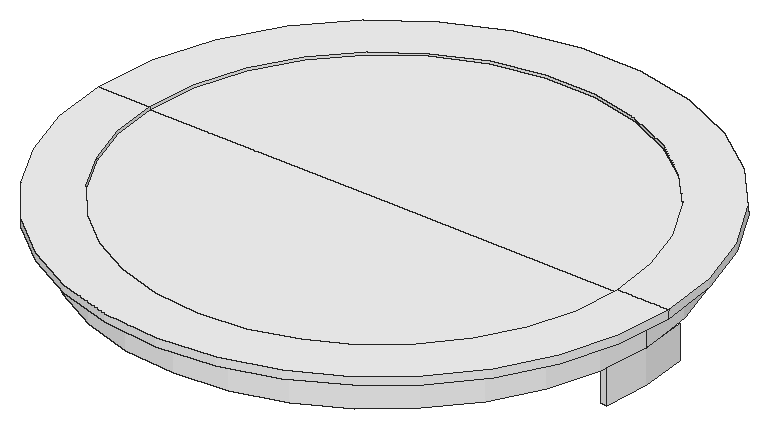
Revit family "0053898 Sylvania Lighting Fixture START eco Downlight Flat 2000lm 840 DIM", category Lighting Fixtures, host Face, Revit 2016
Family settings
  Host = Face
  Part Type = Normal
  Round Connector Dimension = Use Diameter
  OmniClass Number = 23.80.70.11.14.11
  OmniClass Title = Downlights
  Cut with Voids When Loaded = No
  Light Source = Yes
  Shared = No
  Room Calculation Point = No
Parameters (values of type "0053898 START eco Downlight Flat 2000lm 840 DIM ")
  Weight = "6.45 kg"
  Wattage Comments = "n/a"
  Wattage = 23 W
  WarrantyStartDate [instance] = "n/a"
  WarrantyGuarantorParts = "n/a"
  WarrantyDurationUnit = "year"
  WarrantyDurationParts = "n/a"
  WarrantyDescription = "n/a"
  built-in parameter 1150110 = 1 (stored number, unit not read)
  Voltage = 230 V
  URL = "http://www.feilosylvania.com"
  TypeName = "START eco Downlight Flat 2000lm 840 DIM"
  Type Image = <None>
  Type Comments = "n/a"
  built-in parameter 1114217 = 1 (stored number, unit not read)
  Tilt Angle = -90.00°
  built-in parameter 1150109 = 1 (stored number, unit not read)
  built-in parameter 1150134 = 12
  built-in parameter 1150113 = 1 (stored number, unit not read)
  SpringMountStartAngle_FEILO = -SpringMountEndAngle_FEILO  # -10.00°
  SpringMountEndAngle_FEILO = 10.00°
  SerialNumber [instance] = "n/a"
  ReflectorMaterial = none
  RecessedHeight_FEILO = 26 mm
  RecessedDiameter_FEILO = 205 mm
  PowerFactor = 0
  PowerConsumption = "23 W"
  Photometric Web File = "0053316.ies"
  NominalLength = 222 mm
  NominalHeight = 26 mm
  NominalDepth = 222 mm
  Name = "START eco Downlight Flat 2000lm 840 DIM"
  ModelReference = Name  # "START eco Downlight Flat 2000lm 840 DIM"
  ModelNumber = "0053898"
  Model = Name  # "START eco Downlight Flat 2000lm 840 DIM"
  Material = "Aluminium"
  ManufacturerName = "Feilo Sylvania"
  Manufacturer = "Feilo Sylvania"
  LuminousEfficacy = "96.52 lm/W"
  built-in parameter 1150105 = 176.66 (stored number, unit not read)
  Lumens = 2219.96 lm
  LuminaireType = "LED recessed downlight"
  built-in parameter 1150115 = 1 (stored number, unit not read)
  LightOutputRatio = "1"
  built-in parameter 1150137 = (empty or 0)
  built-in parameter 1150139 = (empty or 0)
  LampsType = Lamp  # "LED"
  LampNominalLuminous = "2200 lm"
  LampMacAdamStep = "n/a"
  LampColourTemperature = "4000 K"
  LampColourRenderingIndex = "80"
  built-in parameter 1150112 = 1 (stored number, unit not read)
  built-in parameter 1150114 = 1 (stored number, unit not read)
  Lamp = "LED"
  Keynote = "16500"
  InstallationDate [instance] = "n/a"
  InputVoltage = "220-240V~"
  InputNominalFrequency = "50/60 Hz"
  built-in parameter 1150132 = (empty or 0)
  built-in parameter 1150102 = (empty or 0)
  built-in parameter 1150107 = 4000 (stored number, unit not read)
  built-in parameter 1150138 = (empty or 0)
  IngressProtection = "IP44"
  ImpactProtectionIndex = "IK06"
  built-in parameter 1150106 = 1.7666 (stored number, unit not read)
  IfcExportType = "IfcLightFixtureType"
  IfcExportAs = "IfcLightFixtureType"
  ExpectedLife = 50000
  Emit from Circle Diameter = 182 mm
  Emit Shape Visible in Rendering = no
  ElectricShockClassification = "Class II"
  built-in parameter 1150104 = 8.967 (stored number, unit not read)
  DurationUnit = "hours"
  DocumentationLiterature = "http://www.feilosylvania.com/product/en-int/products/0053316"
  DimmingControlOptions = "Dimmable"
  Dimming Lamp Color Temperature Shift = <None>
  DiffuserMaterial = Diffuser-Sylvania-Glow
  Description = "Integrated LED recessed downlight providing 2220 fixture lumens at a wattage of 23W giving a high efficacy of 97lm/W. Fitting includes Leading/Trailing edge phase dimmable driver and has a round ceiling cut out of 205mm with an IP20 and IK02 rating providing uniform distribution with an Opal diffuser and 110° beam angle. Provided including a Loop in Loop out box and built Built white aluminium housing."
  Default Elevation = 1219.2 mm
  CutoutHeight_FEILO = RecessedHeight_FEILO + 10 mm  # 36 mm
  CreatedOn = "'03-11-2017"
  CreatedBy = "aron.fodor@feilosylvania.com"
  Cost = 0
  Color Filter = 16777215
  built-in parameter 1114216 [instance] = (empty or 0)
  ClassificationValue = "EF_70_80"
  ClassificationName = "Uniclass2015"
  BodyWidth_FEILO = 222 mm
  BodyMaterial = Body-Sylvania-SylFlatDimmable-White
  BodyLength_FEILO = 222 mm
  BodyHeight_FEILO = 13 mm
  BarCode [instance] = "n/a"
  built-in parameter 1114218 = 1 (stored number, unit not read)
  built-in parameter 1150133 = 10 (stored number, unit not read)
  AssetType = "Fixed"
  AssetIdentifier [instance] = "n/a"
  Assembly Code = "D5020200"
  Apparent Load = 0 VA
  AccessoryMaterial = Diffuser-Sylvania-Glow
Reference planes
  plane 1 "Center (Front/Back)": y = 0
  plane 2: z = 0
  plane 3 "Center (Left/Right)": x = 0
  plane 4: x = 111
  plane 5: x = -111
  plane 6: y = 111
  plane 7: y = -111
  plane 8: z = 3
  plane 9: z = -26
  plane 10: x = 102.5
  plane 11: x = -102.5
  plane 12: y = 102.5
  plane 13: y = -102.5
  plane 14: z = 2
  plane 15: x = -91
  plane 16: z = -13
  plane 17: x = -100
  plane 18: x = 100
  plane 19: z = -36
Forms (mm)
  Revolve 1, solid, material "Body-Sylvania-SylFlatDimmable-White" <- "BodyMaterial"
    sketch origin (0, 0, 0) x (1, 0, 0) y (0, 0, 1)
      loop
        line (0, -13) -> (0, 2) -> (-91, 2) -> (-91, 3) -> (-111, 3) -> (-111, 0) -> (-102.5, 0) -> (-102.5, -13) -> (0, -13)
      axis (0, 3) -> (0, -13)
    angle from 360 to 0
  Revolve 2, solid, material "Body-Sylvania-SylFlatDimmable-White" <- "BodyMaterial"
    sketch origin (0.654, 0, 0) x (1, 0, 0) y (0, 0, 1)
      loop
        line (-103.154, -13) -> (-103.154, -26) -> (-100.654, -26) -> (-100.654, -13) -> (-103.154, -13)
      axis (-0.654, -13) -> (-0.654, -26)
    angle from -10 <- "SpringMountStartAngle_FEILO" to 10 <- "SpringMountEndAngle_FEILO"
  Revolve 3, solid, material "Body-Sylvania-SylFlatDimmable-White" <- "BodyMaterial"
    sketch origin (0, 0, 0) x (1, 0, 0) y (0, 0, 1)
      loop
        line (102.5, -13) -> (100, -13) -> (100, -26) -> (102.5, -26) -> (102.5, -13)
      axis (0, -13) -> (0, -26)
    angle from -10 <- "SpringMountStartAngle_FEILO" to 10 <- "SpringMountEndAngle_FEILO"
  Revolve 4, void
    sketch origin (0, 0, 0) x (1, 0, 0) y (0, 0, 1)
      loop
        line (0, 0) -> (-102.5, 0) -> (-102.5, -36) -> (0, -36) -> (0, 0)
      axis (0, 0) -> (0, -36)
    angle from 360 to 0
Cuts and joins
  joined: Revolve 1, Revolve 2, Revolve 3
Dimensions and locks
  equal spacing: plane 5, plane 3 "Center (Left/Right)", plane 4
  equal spacing: plane 7, plane 1 "Center (Front/Back)", plane 6
  "BodyWidth_FEILO": plane 7 to plane 6
  "BodyLength_FEILO": plane 5 to plane 4
  "RecessedHeight_FEILO": plane 2 to plane 9
  locked: plane 8 to plane 2 at 3
  equal spacing: plane 11, plane 3 "Center (Left/Right)", plane 10
  "RecessedDiameter_FEILO": plane 11 to plane 10
  equal spacing: plane 13, plane 1 "Center (Front/Back)", plane 12
  "RecessedDiameter_FEILO": plane 13 to plane 12
  locked: plane 14 to plane 2 at 2
  locked: plane 15 to plane 5 at 20
  "BodyHeight_FEILO": plane 2 to plane 16
  equal spacing: plane 18, plane 3 "Center (Left/Right)", plane 17
  locked: plane 17 to plane 11 at 2.5
  "CutoutHeight_FEILO": plane 2 to plane 19
  aligned and locked: plane 2 to host face
  aligned and locked: level to host face
  aligned and locked: plane 3 "Center (Left/Right)" to Revolve 1 sketch curve
  aligned and locked: Revolve 1 sketch curve to plane 14
  aligned and locked: plane 15 to Revolve 1 sketch curve
  aligned and locked: Revolve 1 sketch curve to plane 8
  aligned and locked: Revolve 1 sketch curve to plane 5
  aligned and locked: Revolve 1 sketch curve to plane 11
  aligned and locked: Revolve 1 sketch curve to plane 3 "Center (Left/Right)"
  aligned and locked: Revolve 1 sketch curve to level
  aligned and locked: plane 16 to Revolve 1 sketch curve
  aligned and locked: Revolve 2 sketch curve to Revolve 1  (x2)
  aligned and locked: Revolve 2 sketch curve to plane 9
  aligned and locked: Revolve 2 sketch curve to plane 17
  aligned and locked: Revolve 2 sketch curve to plane 3 "Center (Left/Right)"
  aligned and locked: Revolve 3 sketch curve to plane 3 "Center (Left/Right)"
  aligned and locked: Revolve 3 sketch curve to Revolve 1  (x2)
  aligned and locked: plane 9 to Revolve 3 sketch curve
  aligned and locked: Revolve 3 sketch curve to plane 18
  aligned and locked: Revolve 4 sketch curve to plane 3 "Center (Left/Right)"
  aligned and locked: plane 19 to Revolve 4 sketch curve
  aligned and locked: plane 3 "Center (Left/Right)" to Revolve 4 sketch curve
  aligned and locked: Revolve 4 sketch curve to plane 11
  aligned and locked: level to Revolve 4 sketch curve
  aligned and locked: imposter light to plane 14
  aligned and locked: plane 3 "Center (Left/Right)" to imposter light
  aligned and locked: imposter light to plane 1 "Center (Front/Back)"
Automatic sketch dimensions
  host sketch curve to host sketch curve = 2438.4 mm  (x2)
  plane 9 to Revolve 1 sketch curve = 587.6 mm
  Revolve 1 sketch curve to plane 8 = 2606.058 mm
  plane 9 to Revolve 2 sketch curve = 587.6 mm
  Revolve 2 sketch curve to plane 8 = 2606.058 mm
  plane 9 to Revolve 3 sketch curve = 587.6 mm
  Revolve 3 sketch curve to plane 8 = 2606.058 mm
  plane 19 to Revolve 4 sketch curve = 577.6 mm
  Revolve 4 sketch curve to plane 8 = 2606.058 mm
Connectors
  electrical at (0, 0, 0), driven by "Apparent Load", driven by "PowerFactor", driven by "Voltage"
    settings: index 1, voltage 230 V, apparent load 0 VA, apparent load phase1 0 VA, apparent load phase2 0 VA, apparent load phase3 0 VA, power factor 0, load classification "Lighting", number of poles 1, system type 30, power factor state 1, is connector primary yes, connector utility no, sub classification motor no, connector description ""
